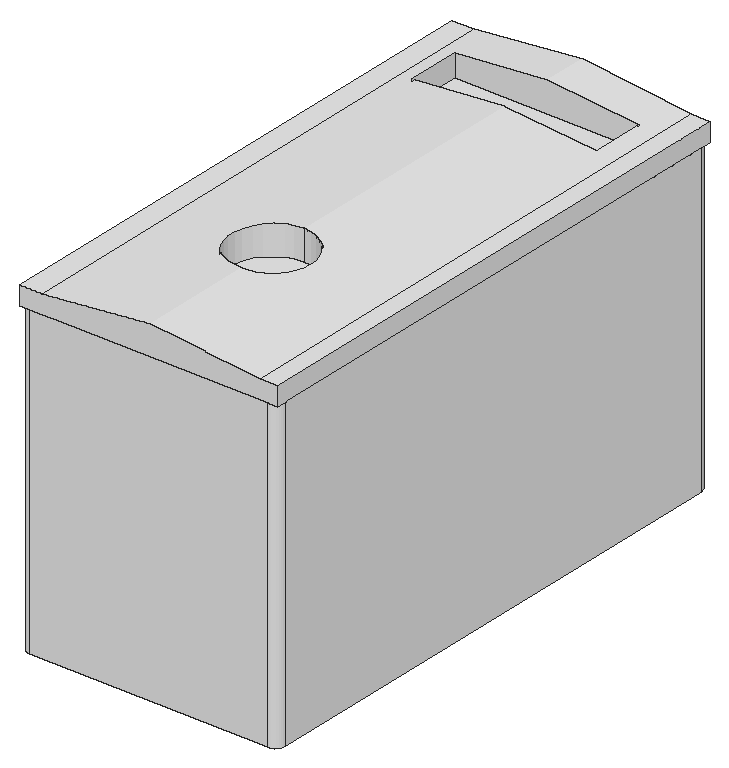
Revit family "Lighting_Device-Digital_Timer-Hubbell_Wiring-DT2000W", category Lighting Devices, host Face, Revit 2015
Parameters (values of type "120V")
  Width = 2.68"
  Wattage = 960 W
  Voltage = 120 V
  URL = "http://www.hubbell-wiring.com/"
  UPC Number = "783585413020"  # constant formula
  Type Comments = ""
  Time Delays = "Adjustable to up to 4 hours\r"  # constant formula
  Product data url = "https://bimobject.com/hubbellwiring/product/hubbell-dt2000w"
  Product Page URL = "http://ecatalog.hubbell-wiring.com/productinformation/specsheets/3A/Live/PDF/DT2000W_cart.pdf"
  Product Material = Plastic - Hubbell - White
  Product Documentation Link = "http://ecatalog.hubbell-wiring.com/productinformation/CustomerDrawingLibraryAssets/3A/1/M12459.pdf"
  Power Factor = 1
  Operating Temperature = "32°F to 104°F (0°C to 40°C)\r"  # constant formula
  Number of Poles = 1
  Model = "DT2000W"
  Manufacturer = "Hubbell Wiring Device-Kellems"  # constant formula
  Load Classification = Lighting
  Length = 1.28"
  Keynote = ""
  Humidity = " 20% to 90% non condensing relative humidity"  # constant formula
  Height = 1.68"
  Frequency = 60 Hz
  Description = "H-MOSS® Controls Digital Timer Wall Switch"  # constant formula
  Default Elevation = 48.00"
  Connector Description 2 = "Controls"  # constant formula
  Connector Description 1 = "Power Supply"  # constant formula
  Certifications = "UL, cULus,  CEC Title 24"  # constant formula
  Apparent Load = Wattage  # 960.000 VA
Types (2): name | Wattage | Voltage | Apparent Load
  120V | 960 W | 120 V | 960.000 VA
  277V | 1200 W | 277 V | 1200.000 VA
Reference planes (in)
  plane 1 "Center (Front/Back)": y = 0
  plane 2 "Bottom": z = 0
  plane 3 "Center (Left/Right)": x = 0
  plane 4: y = 1.41
  plane 5: y = -1.27
  plane 6: x = -0.64
  plane 7: x = 0.64
  plane 8: z = 0.15
  plane 9: z = -1.53
  plane 10: x = -0.50777
  plane 11: x = 0.52539
  plane 12: z = 0.09375
  plane 13: z = 0.18212
Forms (in)
  Extrusion 1, void
    sketch origin (0, 0, 0.09375) x (0, -1, 0) y (1, 0, 0)
      loop
        line (1.27, 0.64) -> (-1.41, 0.64) -> (-1.41, -0.64) -> (1.27, -0.64) -> (1.27, 0.64)
    from -1.62375 to -0.09375
  Extrusion 2, solid, material "Plastic - Hubbell - White" <- "Product Material"
    sketch origin (0, 0, 0) x (1, 0, 0) y (0, 1, 0)
      loop
        arc (-0.64, -1.22) -> (-0.62536, -1.25536) -> (-0.59, -1.27) r 0.05
        line (-0.59, -1.27) -> (0.59, -1.27)
        arc (0.59, -1.27) -> (0.62536, -1.25536) -> (0.64, -1.22) r 0.05
        line (0.64, -1.22) -> (0.64, 1.36)
        arc (0.64, 1.36) -> (0.62536, 1.39536) -> (0.59, 1.41) r 0.05
        line (0.59, 1.41) -> (-0.59, 1.41)
        arc (-0.59, 1.41) -> (-0.62536, 1.39536) -> (-0.64, 1.36) r 0.05
        line (-0.64, 1.36) -> (-0.64, -1.22)
    from -1.53 to 0
  Extrusion 3, solid, material "Plastic - Hubbell - White" <- "Product Material"
    sketch origin (0, 0, 0) x (1, 0, 0) y (0, 0, 1)
      loop
        arc (0.54822, 0.09375) -> (0.00881, 0.15001) -> (-0.5306, 0.09375) r 2.61382
        line (-0.5306, 0.09375) -> (-0.64, 0.09375) -> (-0.64, 0) -> (0.64, 0) -> (0.64, 0.09375) -> (0.54822, 0.09375)
    from -1.41 to 1.27
  Extrusion 4, void
    sketch origin (0, 0, 0.09375) x (0, -1, 0) y (1, 0, 0)
      loop
        line (-1.19422, -0.4533) -> (-0.92903, -0.4533) -> (-0.92903, 0.46248) -> (-1.19422, 0.46248) -> (-1.19422, -0.4533)
      loop
        circle (0.50991, 0) r 0.19872
    from -0.09375 to 0.08837
Cuts and joins
  Extrusion 4 cuts Extrusion 3
Lines and regions (in)
  reference lines
    curve 1: arc (0.54822, 0, 0.09375) -> (0.00881, 0, 0.15001) -> (-0.5306, 0, 0.09375) r 2.61382
    curve 2: line (-0.5306, 0, 0.09375) -> (-0.64, 0, 0.09375)
    curve 3: line (-0.64, 0, 0.09375) -> (-0.64, 0, 0)
    curve 4: line (-0.64, 0, 0) -> (0.64, 0, 0)
    curve 5: line (0.64, 0, 0) -> (0.64, 0, 0.09375)
    curve 6: line (0.64, 0, 0.09375) -> (0.54822, 0, 0.09375)
    curve 7: line (-0.4533, 1.19422, 0.09375) -> (0.46248, 1.19422, 0.09375)
    curve 8: line (-0.4533, 0.92903, 0.09375) -> (-0.4533, 1.19422, 0.09375)
    curve 9: line (0.46248, 0.92903, 0.09375) -> (-0.4533, 0.92903, 0.09375)
    curve 10: line (0.46248, 1.19422, 0.09375) -> (0.46248, 0.92903, 0.09375)
    curve 11: arc (0, -0.31119, 0.09375) -> (-0.19872, -0.50991, 0.09375) -> (0, -0.70863, 0.09375) r 0.19872
    curve 12: arc (0, -0.70863, 0.09375) -> (0.19872, -0.50991, 0.09375) -> (0, -0.31119, 0.09375) r 0.19872
  symbolic lines, style "Device"
    curve 13: line (-0.64, 1.41, 0.09375) -> (0.64, 1.41, 0.09375)
    curve 14: line (-0.64, -1.27, 0.09375) -> (-0.64, 1.41, 0.09375)
    curve 15: line (0.64, -1.27, 0.09375) -> (-0.64, -1.27, 0.09375)
    curve 16: line (0.64, 1.41, 0.09375) -> (0.64, -1.27, 0.09375)
    curve 23: line (-0.64, 0, 0) -> (0.64, 0, 0)
    curve 24: line (-0.64, 0, -1.53) -> (-0.64, 0, 0.09375)
    curve 25: line (0.64, 0, -1.53) -> (-0.64, 0, -1.53)
    curve 26: line (0.64, 0, 0.09375) -> (0.64, 0, -1.53)
    curve 27: line (-0.64, 0, 0.09375) -> (-0.5306, 0, 0.09375)
    curve 28: line (0.64, 0, 0.09375) -> (0.54822, 0, 0.09375)
    curve 29: arc (0.54822, 0, 0.09375) -> (0.00881, 0, 0.15001) -> (-0.5306, 0, 0.09375) r 2.61382
  symbolic lines, style "Device", detail levels medium+fine
    curve 17: line (-0.4533, 1.19422, 0.09375) -> (0.46248, 1.19422, 0.09375)
    curve 18: line (-0.4533, 0.92903, 0.09375) -> (-0.4533, 1.19422, 0.09375)
    curve 19: line (0.46248, 0.92903, 0.09375) -> (-0.4533, 0.92903, 0.09375)
    curve 20: line (0.46248, 1.19422, 0.09375) -> (0.46248, 0.92903, 0.09375)
    curve 21: arc (0, -0.31119, 0.09375) -> (-0.19872, -0.50991, 0.09375) -> (0, -0.70863, 0.09375) r 0.19872
    curve 22: arc (0, -0.70863, 0.09375) -> (0.19872, -0.50991, 0.09375) -> (0, -0.31119, 0.09375) r 0.19872
Dimensions and locks (in)
  "Width": plane 4 to plane 5
  "Length": plane 6 to plane 7
  equal spacing: plane 6, plane 3 "Center (Left/Right)", plane 7
  "Height": plane 8 to plane 9
  plane 8 to level = 0.15"
  plane 6 to curve 18 = 0.1867"
  radius of Extrusion 2 sketch curve = 0.05"  (x4)
  aligned and locked: plane 2 "Bottom" to host face
  aligned and locked: level to host face
  aligned and locked: plane 2 "Bottom" to Extrusion 1
  aligned and locked: Extrusion 2 to plane 9
  aligned and locked: level to Extrusion 2
  aligned and locked: Extrusion 2 sketch curve to plane 4
  aligned and locked: plane 5 to Extrusion 2 sketch curve
  aligned and locked: Extrusion 2 sketch curve to plane 6
  aligned and locked: Extrusion 2 sketch curve to plane 7
  aligned and locked: Extrusion 3 to plane 5
  aligned and locked: plane 4 to Extrusion 3
  aligned and locked: plane 13 to Extrusion 4
  aligned and locked: Extrusion 3 sketch curve to curve 1
  aligned and locked: Extrusion 3 sketch curve to curve 2
  aligned and locked: Extrusion 3 sketch curve to curve 3
  aligned and locked: Extrusion 3 sketch curve to curve 4
  aligned and locked: Extrusion 3 sketch curve to curve 5
  aligned and locked: Extrusion 3 sketch curve to curve 6
  aligned and locked: Extrusion 4 to level
  aligned and locked: curve 7 to cut or joined group of Extrusion 3, Extrusion 4
  aligned and locked: curve 8 to cut or joined group of Extrusion 3, Extrusion 4
  aligned and locked: curve 9 to cut or joined group of Extrusion 3, Extrusion 4
  aligned and locked: curve 10 to cut or joined group of Extrusion 3, Extrusion 4
  aligned and locked: curve 11 to cut or joined group of Extrusion 3, Extrusion 4
  aligned and locked: curve 12 to cut or joined group of Extrusion 3, Extrusion 4
  aligned and locked: curve 17 to curve 7
  aligned and locked: curve 19 to curve 9
  aligned and locked: curve 20 to curve 10
  aligned and locked: curve 21 to cut or joined group of Extrusion 3, Extrusion 4
  aligned and locked: curve 22 to cut or joined group of Extrusion 3, Extrusion 4
  aligned and locked: Extrusion 1 to plane 5
  aligned and locked: plane 6 to Extrusion 1
  aligned and locked: plane 7 to Extrusion 1
  aligned and locked: Extrusion 1 to Extrusion 2
  aligned and locked: curve 14 to plane 6
  aligned and locked: plane 5 to curve 15
  aligned and locked: curve 16 to plane 7
  aligned and locked: curve 13 to plane 4
  aligned and locked: plane 12 to cut or joined group of Extrusion 3, Extrusion 4  (x2)
  aligned and locked: curve 29 to cut or joined group of Extrusion 3, Extrusion 4
  aligned and locked: curve 24 to plane 6
  aligned and locked: curve 26 to plane 7
  aligned and locked: plane 9 to curve 25
  aligned and locked: plane 12 to curve 28
  aligned and locked: curve 27 to plane 12
Automatic sketch dimensions
  host sketch curve to host sketch curve = 96.00"  (x2)
  plane 4 to Extrusion 1 sketch curve = 0.00"
  Extrusion 1 sketch curve to plane 5 = 0.00"
  plane 7 to Extrusion 1 sketch curve = 0.00"
  plane 6 to Extrusion 1 sketch curve = 0.00"
  Extrusion 4 sketch curve to plane 11 = 0.06291"
  Extrusion 4 sketch curve to plane 10 = 0.05447"
  Extrusion 4 sketch curve to plane 3 "Center (Left/Right)" = 0.00"
  Extrusion 4 sketch curve to plane 4 = 0.21578"
  Extrusion 4 sketch curve to Extrusion 4 sketch curve = 0.2652"
  plane 1 "Center (Front/Back)" to Extrusion 4 sketch curve = 0.50991"
  curve 4 to level = 0.00"
  plane 6 to curve 4 = 0.00"
  curve 2 to plane 12 = 0.00"
  curve 6 to plane 12 = 0.00"
  curve 5 to plane 7 = 0.00"
  plane 10 to curve 2 = 0.02284"
  plane 3 "Center (Left/Right)" to curve 1 = 0.00881"
  curve 1 to plane 9 = 0.93381"
  curve 7 to plane 11 = 0.06291"
  curve 7 to plane 4 = 0.21578"
  curve 9 to plane 10 = 0.05447"
  curve 7 to curve 9 = 0.2652"
  curve 11 to curve 12 = 0.00"  (x2)
  curve 11 to plane 3 "Center (Left/Right)" = 0.00"
  plane 1 "Center (Front/Back)" to curve 11 = 0.31119"
  curve 11 to curve 12 = 0.19872"
  curve 23 to level = 0.00"
  radius of Extrusion 4 sketch curve = 0.19872"
Connectors (in)
  electrical at (0, 0.07, -1.53), driven by "Number of Poles", driven by "Load Classification", driven by "Voltage", driven by "Apparent Load", driven by "Power Factor", driven by "Connector Description 1"
    settings: on Extrusion 2, index 1, voltage 120 V, apparent load 960.000 VA, apparent load phase1 0.000 VA, apparent load phase2 0.000 VA, apparent load phase3 0.000 VA, power factor 1, load classification "Lighting", number of poles 1, system type 30, power factor state 1, is connector primary yes, connector utility no, sub classification motor no, connector description "Power Supply"
  electrical at (0, 0.07, 0), driven by "Connector Description 2"
    settings: on cut or joined group of Extrusion 3, Extrusion 4, index 2, voltage 0 V, apparent load 0.000 VA, apparent load phase1 0.000 VA, apparent load phase2 0.000 VA, apparent load phase3 0.000 VA, power factor 1, load classification "Other", number of poles 1, system type 13, power factor state 1, is connector primary no, connector utility no, sub classification motor no, connector description "Controls"
